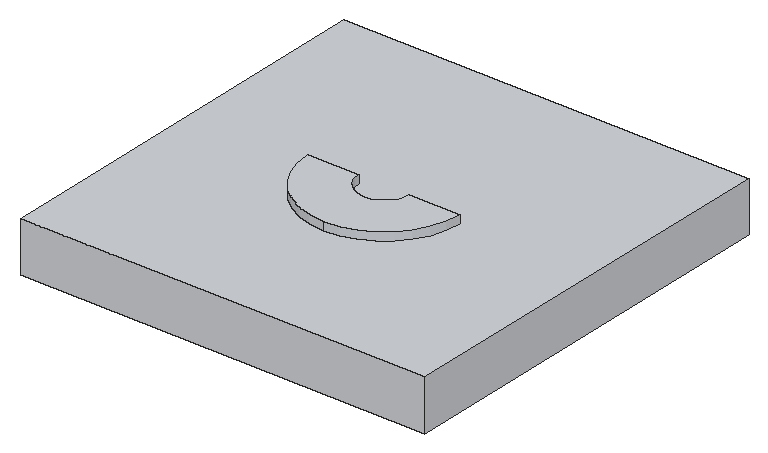
Revit family
Parameters
  Width = 1' - 0"
  URL = "www.coldspringgranite.com"
  TypicalJointSize = 0' - 0 1/4"
  StoneOutside = sqrt(OutsideRadius ^ 2 - BackJoint ^ 2)  # 1' - 5.99957"
  StoneMaterial = none
  StoneInside = sqrt(InsideRadius ^ 2 - BackJoint ^ 2)  # 0' - 5.9987"
  SettingSpace = Height + SettingBed  # 0' - 3"
  SettingBed = 0' - 1 1/16"
  Product Name = "Paving Stone Panels with Radius on Two Sides at 180 Degrees"
  Product Documentation Link = "http://www.coldspringgranite.com/BIM_Families/Family_Detail/Paving_Stone_Panels_with_Radius_on_two_Sides_at_180_Degrees/"
  PhoneNumber = "800-551-7502"
  OutsideRadius = 1' - 6"
  Notes = ""
  Model = "N/A"
  Manufacturer = "Cold Spring Granite Company"
  Low Emitting Material = yes
  Low Emitting Finish = yes
  Location = "17482 Granite West Road, Cold Spring, MN 56320-4578"
  Length = 2 * OutsideRadius  # 3' - 0"
  LEED Credit = ""
  Keynote = "096340"
  InsideRadius = OutsideRadius - Width  # 0' - 6"
  Height = 0' - 1 15/16"
  Description = "Stone Floor Paving - Radius Two Sides - 180 Degrees"
  Default Elevation = 0' - 0"
  BackJointOff = no
  BackJoint = if(BackJointOff, 0' 0", TypicalJointSize / 2)  # 0' - 0 1/8"
  Assembly Code = "C3020400"
Reference planes (in)
  plane 1 "Center (Front/Back)": y = 0
  plane 2: z = 0
  plane 3 "Center (Left/Right)": x = 0
  plane 4 "StoneBack": y = -0.125
  plane 5 "StoneLeftBack": x = -5.9987
  plane 6 "LeftBack": x = -6
  plane 7 "StoneLeft": x = -17.99957
  plane 8 "Left": x = -18
  plane 9 "StoneRightBack": x = 5.9987
  plane 10 "RightBack": x = 6
  plane 11 "StoneRight": x = 17.99957
  plane 12 "Right": x = 18
  plane 13 "StoneBottom": z = 1.0625
  plane 14 "Top": z = 3
  plane 15 "FrontCenter": y = -18
  plane 16 "BackCenter": y = -6
Forms (in)
  Extrusion 1, solid
    sketch origin (0, 0, 0) x (1, 0, 0) y (0, 1, 0)
      loop
        line (-48, 48) -> (-48, -48) -> (48, -48) -> (48, 48) -> (-48, 48)
    from 0 to -12
  Extrusion 2, solid, material <- "StoneMaterial", detail levels coarse
    sketch origin (0, 0, 0) x (1, 0, 0) y (0, 1, 0)
      loop
        arc (-18, 0) -> (0, -18) -> (18, 0) r 18
        line (18, 0) -> (6, 0)
        arc (6, 0) -> (0, -6) -> (-6, 0) r 6
        line (-6, 0) -> (-18, 0)
    from 1.0625 to 3
  Extrusion 3, solid, material <- "StoneMaterial", detail levels medium+fine
    sketch origin (0, 0, 0) x (1, 0, 0) y (0, 1, 0)
      loop
        arc (0, -18) -> (12.68365, -12.77204) -> (17.99957, -0.125) r 18
        line (17.99957, -0.125) -> (5.9987, -0.125)
        arc (5.9987, -0.125) -> (4.19821, -4.28661) -> (0, -6) r 6
        line (0, -6) -> (0, -18)
    from 1.0625 to 3
  Extrusion 4, solid, material <- "StoneMaterial", detail levels medium+fine
    sketch origin (0, 0, 0) x (1, 0, 0) y (0, 1, 0)
      loop
        line (0, -18) -> (0, -6)
        arc (0, -6) -> (-4.19821, -4.28661) -> (-5.9987, -0.125) r 6
        line (-5.9987, -0.125) -> (-17.99957, -0.125)
        arc (-17.99957, -0.125) -> (-12.68365, -12.77204) -> (0, -18) r 18
    from 1.0625 to 3
Cuts and joins
  joined: Extrusion 3, Extrusion 4
Lines and regions (in)
  Masking region 1, detail levels medium+fine
    outline origin (0, 0, 0) x (1, 0, 0) y (0, 1, 0)
      loop
        arc (0, -18) -> (12.68365, -12.77204) -> (17.99957, -0.125) r 18
        line (17.99957, -0.125) -> (5.9987, -0.125)
        arc (5.9987, -0.125) -> (4.19821, -4.28661) -> (0, -6) r 6
        line (0, -6) -> (0, -18)
  Masking region 2, detail levels medium+fine
    outline origin (0, 0, 0) x (1, 0, 0) y (0, 1, 0)
      loop
        line (0, -18) -> (0, -6)
        arc (0, -6) -> (-4.19821, -4.28661) -> (-5.9987, -0.125) r 6
        line (-5.9987, -0.125) -> (-17.99957, -0.125)
        arc (-17.99957, -0.125) -> (-12.68365, -12.77204) -> (0, -18) r 18
  Masking region 3, detail levels coarse
    outline origin (0, 0, 0) x (1, 0, 0) y (0, 1, 0)
      loop
        arc (-18, 0) -> (0, -18) -> (18, 0) r 18
        line (18, 0) -> (6, 0)
        arc (6, 0) -> (0, -6) -> (-6, 0) r 6
        line (-6, 0) -> (-18, 0)
  Masking region 4, detail levels coarse
    outline origin (0, -18, 0) x (-1, 0, 0) y (0, 0, 1)
      loop
        line (18, 1.0625) -> (18, 3) -> (-18, 3) -> (-18, 1.0625) -> (18, 1.0625)
  Masking region 5, detail levels medium
    outline origin (0, -18, 0) x (-1, 0, 0) y (0, 0, 1)
      loop
        line (17.99957, 3) -> (-17.99957, 3) -> (-17.99957, 1.0625) -> (17.99957, 1.0625) -> (17.99957, 3)
  Masking region 6, detail levels fine
    outline origin (0, 0, 0) x (1, 0, 0) y (0, 0, 1)
      loop
        line (-17.99957, 3) -> (-17.99957, 1.0625) -> (-5.9987, 1.0625) -> (-5.9987, 3) -> (-17.99957, 3)
      loop
        line (5.9987, 3) -> (5.9987, 1.0625) -> (17.99957, 1.0625) -> (17.99957, 3) -> (5.9987, 3)
  Masking region 7, detail levels coarse
    outline origin (0, 0, 0) x (0, 1, 0) y (0, 0, 1)
      loop
        line (0, 1.0625) -> (0, 3) -> (-18, 3) -> (-18, 1.0625) -> (0, 1.0625)
  Masking region 8, detail levels medium
    outline origin (0, 0, 0) x (0, 1, 0) y (0, 0, 1)
      loop
        line (-0.125, 1.0625) -> (-0.125, 3) -> (-18, 3) -> (-18, 1.0625) -> (-0.125, 1.0625)
  Masking region 9, detail levels fine
    outline origin (0, 0, 0) x (0, 1, 0) y (0, 0, 1)
      loop
        line (-6, 3) -> (-18, 3) -> (-18, 1.0625) -> (-6, 1.0625) -> (-6, 3)
  symbolic lines, detail levels coarse
    curve 1: line (6, 0, 3) -> (6, 0, 1.0625)
    curve 2: line (-6, 0, 1.0625) -> (-6, 0, 3)
  symbolic lines, detail levels medium
    curve 3: line (-5.9987, 0, 1.0625) -> (-5.9987, 0, 3)
    curve 4: line (5.9987, 0, 1.0625) -> (5.9987, 0, 3)
Dimensions and locks (in)
  "OutsideRadius": plane 8 "Left" to plane 3 "Center (Left/Right)"
  "OutsideRadius": plane 3 "Center (Left/Right)" to plane 12 "Right"
  "OutsideRadius": plane 15 "FrontCenter" to plane 1 "Center (Front/Back)"
  "InsideRadius": plane 6 "LeftBack" to plane 3 "Center (Left/Right)"
  "StoneOutside": plane 7 "StoneLeft" to plane 3 "Center (Left/Right)"
  "StoneInside": plane 5 "StoneLeftBack" to plane 3 "Center (Left/Right)"
  "StoneOutside": plane 3 "Center (Left/Right)" to plane 11 "StoneRight"
  "InsideRadius": plane 3 "Center (Left/Right)" to plane 10 "RightBack"
  "StoneInside": plane 3 "Center (Left/Right)" to plane 9 "StoneRightBack"
  "InsideRadius": plane 16 "BackCenter" to plane 1 "Center (Front/Back)"
  "BackJoint": plane 4 "StoneBack" to plane 1 "Center (Front/Back)"
  "SettingSpace": plane 14 "Top" to plane 2
  "Height": plane 14 "Top" to plane 13 "StoneBottom"
  "InsideRadius": radius of Extrusion 2 sketch curve
  "OutsideRadius": radius of Extrusion 2 sketch curve
  "InsideRadius": radius of Masking region 1 sketch curve
  "OutsideRadius": radius of Masking region 1 sketch curve
  "InsideRadius": radius of Masking region 2 sketch curve
  "OutsideRadius": radius of Masking region 2 sketch curve
  "InsideRadius": radius of Masking region 3 sketch curve
  "OutsideRadius": radius of Masking region 3 sketch curve
  "InsideRadius": radius of Extrusion 3 sketch curve
  "OutsideRadius": radius of Extrusion 3 sketch curve
  "InsideRadius": radius of Extrusion 4 sketch curve
  "OutsideRadius": radius of Extrusion 4 sketch curve
  aligned and locked: plane 2 to Extrusion 1
  aligned and locked: level to Extrusion 1
  aligned and locked: plane 1 "Center (Front/Back)" to Extrusion 2 sketch curve
  aligned and locked: plane 6 "LeftBack" to Extrusion 2 sketch curve
  aligned and locked: plane 8 "Left" to Extrusion 2 sketch curve
  aligned and locked: Extrusion 2 sketch curve to plane 1 "Center (Front/Back)"  (x2)
  aligned: Extrusion 2 to plane 2
  aligned and locked: plane 14 "Top" to Extrusion 2
  aligned and locked: plane 3 "Center (Left/Right)" to Masking region 1 sketch curve  (x2)
  aligned and locked: plane 16 "BackCenter" to Masking region 1 sketch curve
  aligned and locked: plane 15 "FrontCenter" to Masking region 1 sketch curve
  aligned: plane 9 "StoneRightBack" to Masking region 1 sketch curve
  aligned: plane 11 "StoneRight" to Masking region 1 sketch curve
  aligned: Masking region 1 sketch curve to plane 4 "StoneBack"
  aligned and locked: Masking region 1 sketch curve to plane 4 "StoneBack"
  aligned and locked: plane 3 "Center (Left/Right)" to Masking region 2 sketch curve  (x2)
  aligned and locked: plane 16 "BackCenter" to Masking region 2 sketch curve
  aligned and locked: plane 15 "FrontCenter" to Masking region 2 sketch curve
  aligned: plane 5 "StoneLeftBack" to Masking region 2 sketch curve
  aligned: plane 7 "StoneLeft" to Masking region 2 sketch curve
  aligned: Masking region 2 sketch curve to plane 4 "StoneBack"
  aligned and locked: Masking region 2 sketch curve to plane 4 "StoneBack"
  aligned and locked: plane 1 "Center (Front/Back)" to Masking region 3 sketch curve
  aligned and locked: plane 6 "LeftBack" to Masking region 3 sketch curve
  aligned and locked: plane 8 "Left" to Masking region 3 sketch curve
  aligned and locked: Masking region 3 sketch curve to plane 1 "Center (Front/Back)"  (x2)
  aligned and locked: plane 3 "Center (Left/Right)" to Extrusion 3 sketch curve  (x2)
  aligned and locked: plane 16 "BackCenter" to Extrusion 3 sketch curve
  aligned and locked: plane 15 "FrontCenter" to Extrusion 3 sketch curve
  aligned: plane 9 "StoneRightBack" to Extrusion 3 sketch curve
  aligned: plane 11 "StoneRight" to Extrusion 3 sketch curve
  aligned: Extrusion 3 sketch curve to plane 4 "StoneBack"
  aligned and locked: Extrusion 3 to plane 13 "StoneBottom"
  aligned and locked: Extrusion 3 sketch curve to plane 4 "StoneBack"
  aligned and locked: plane 3 "Center (Left/Right)" to Extrusion 4 sketch curve
  aligned and locked: plane 16 "BackCenter" to Extrusion 4 sketch curve
  aligned and locked: plane 15 "FrontCenter" to Extrusion 4 sketch curve
  aligned and locked: plane 4 "StoneBack" to Extrusion 4 sketch curve
  aligned and locked: plane 5 "StoneLeftBack" to Extrusion 4 sketch curve
  aligned and locked: plane 7 "StoneLeft" to Extrusion 4 sketch curve
  aligned and locked: Extrusion 4 sketch curve to plane 4 "StoneBack"
  aligned and locked: Extrusion 4 to plane 13 "StoneBottom"
  aligned and locked: Masking region 4 sketch curve to plane 14 "Top"
  aligned and locked: Masking region 4 sketch curve to plane 8 "Left"
  aligned and locked: Masking region 4 sketch curve to plane 12 "Right"
  aligned and locked: plane 14 "Top" to curve 1
  aligned and locked: plane 14 "Top" to curve 2
  aligned and locked: plane 6 "LeftBack" to curve 2
  aligned and locked: curve 1 to plane 10 "RightBack"
  aligned and locked: Masking region 5 sketch curve to plane 13 "StoneBottom"
  aligned and locked: Masking region 5 sketch curve to plane 7 "StoneLeft"
  aligned and locked: Masking region 5 sketch curve to plane 11 "StoneRight"
  aligned and locked: plane 13 "StoneBottom" to curve 3
  aligned and locked: plane 13 "StoneBottom" to curve 4
  aligned and locked: plane 5 "StoneLeftBack" to curve 3
  aligned and locked: plane 9 "StoneRightBack" to curve 4
  aligned and locked: Masking region 6 sketch curve to plane 7 "StoneLeft"
  aligned and locked: Masking region 6 sketch curve to plane 5 "StoneLeftBack"
  aligned and locked: Masking region 6 sketch curve to plane 9 "StoneRightBack"
  aligned and locked: Masking region 6 sketch curve to plane 11 "StoneRight"
  aligned and locked: Masking region 6 sketch curve to plane 13 "StoneBottom"  (x2)
  aligned and locked: plane 1 "Center (Front/Back)" to Masking region 7 sketch curve
  aligned and locked: plane 15 "FrontCenter" to Masking region 7 sketch curve
  aligned and locked: plane 14 "Top" to Masking region 7 sketch curve
  aligned and locked: plane 13 "StoneBottom" to Masking region 8 sketch curve
  aligned and locked: plane 15 "FrontCenter" to Masking region 8 sketch curve
  aligned and locked: plane 4 "StoneBack" to Masking region 8 sketch curve
  aligned and locked: plane 13 "StoneBottom" to Masking region 9 sketch curve
  aligned and locked: plane 15 "FrontCenter" to Masking region 9 sketch curve
  aligned and locked: plane 16 "BackCenter" to Masking region 9 sketch curve
  aligned and locked: Masking region 4 sketch curve to plane 13 "StoneBottom"
  aligned and locked: Extrusion 2 to plane 13 "StoneBottom"
  aligned and locked: Masking region 5 sketch curve to plane 14 "Top"
  aligned and locked: plane 14 "Top" to cut or joined group of Extrusion 3, Extrusion 4  (x2)
  aligned and locked: Masking region 6 sketch curve to plane 14 "Top"  (x2)
  aligned and locked: plane 14 "Top" to curve 3
  aligned and locked: plane 14 "Top" to curve 4
  aligned and locked: plane 13 "StoneBottom" to curve 2
  aligned and locked: plane 13 "StoneBottom" to curve 1
  aligned and locked: Masking region 7 sketch curve to plane 13 "StoneBottom"
  aligned and locked: Masking region 8 sketch curve to plane 14 "Top"
  aligned and locked: Masking region 9 to plane 14 "Top"
Automatic sketch dimensions
  Extrusion 1 sketch curve to Extrusion 1 sketch curve = 8' - 0"  (x2)
  Masking region 9 sketch curve to plane 14 "Top" = 0' - 0"
Nested families (in)
  nested 1: "CopyRight" at (0, 0, 0), type "CopyRight"
Definition of nested family "CopyRight"
  Parameters (values of type "CopyRight")
    CopyRight = "Cold Spring Granite Company"
  Reference planes (in)
    plane 1: z = 0
